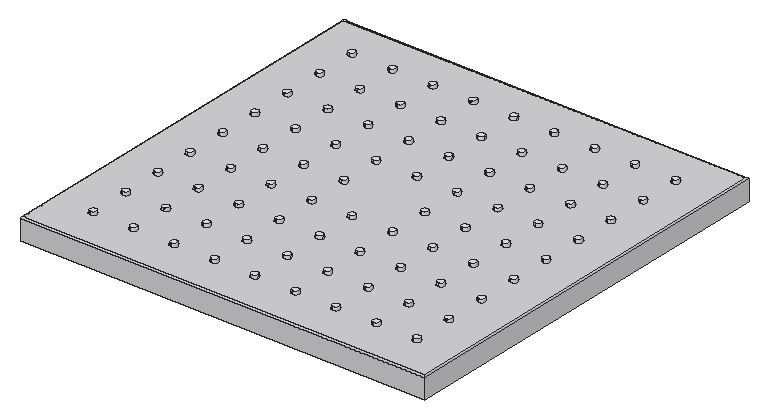
Revit family "Shower-Rainhead-KOHLER-Katalyst-13695W_1", category Plumbing Fixtures, host Face, Revit 2017 (continued)
Definition of nested family "13695W"
  Lines and regions (in)
    symbolic lines, detail levels medium+fine
      curve 275: arc (1.5272855, 2.4023437, 0) -> (1.6015625, 2.4766208, 0) -> (1.6758395, 2.4023437, 0) r 0.074277
      curve 276: arc (1.6758395, 2.4023437, 0) -> (1.6015625, 2.3280667, 0) -> (1.5272855, 2.4023437, 0) r 0.074277
      curve 277: arc (1.6, 2.334693, 0) -> (1.5360618, 2.3986313, 0) -> (1.6, 2.4625695, 0) r 0.0639382
      curve 278: arc (1.6, 2.4625695, 0) -> (1.6639382, 2.3986313, 0) -> (1.6, 2.334693, 0) r 0.0639382
      curve 279: arc (1.5272855, 3.203125, 0) -> (1.6015625, 3.277402, 0) -> (1.6758395, 3.203125, 0) r 0.074277
      curve 280: arc (1.6758395, 3.203125, 0) -> (1.6015625, 3.128848, 0) -> (1.5272855, 3.203125, 0) r 0.074277
      curve 281: arc (1.6, 3.134693, 0) -> (1.5360618, 3.1986313, 0) -> (1.6, 3.2625695, 0) r 0.0639382
      curve 282: arc (1.6, 3.2625695, 0) -> (1.6639382, 3.1986313, 0) -> (1.6, 3.134693, 0) r 0.0639382
      curve 283: arc (0.7265042, 3.203125, 0) -> (0.8007812, 3.277402, 0) -> (0.8750583, 3.203125, 0) r 0.074277
      curve 284: arc (0.8750583, 3.203125, 0) -> (0.8007812, 3.128848, 0) -> (0.7265042, 3.203125, 0) r 0.074277
      curve 285: arc (0.8, 3.2625695, 0) -> (0.8639382, 3.1986313, 0) -> (0.8, 3.134693, 0) r 0.0639382
      curve 286: arc (0.8, 3.134693, 0) -> (0.7360618, 3.1986313, 0) -> (0.8, 3.2625695, 0) r 0.0639382
      curve 287: arc (0.7265042, 2.4023437, 0) -> (0.8007812, 2.4766208, 0) -> (0.8750583, 2.4023437, 0) r 0.074277
      curve 288: arc (0.8750583, 2.4023437, 0) -> (0.8007812, 2.3280667, 0) -> (0.7265042, 2.4023437, 0) r 0.074277
      curve 289: arc (0.8, 2.4625695, 0) -> (0.8639382, 2.3986313, 0) -> (0.8, 2.334693, 0) r 0.0639382
      curve 290: arc (0.8, 2.334693, 0) -> (0.7360618, 2.3986313, 0) -> (0.8, 2.4625695, 0) r 0.0639382
      curve 291: arc (0.7265042, 1.6015625, 0) -> (0.8007812, 1.6758395, 0) -> (0.8750583, 1.6015625, 0) r 0.074277
      curve 292: arc (0.8750583, 1.6015625, 0) -> (0.8007812, 1.5272855, 0) -> (0.7265042, 1.6015625, 0) r 0.074277
      curve 293: arc (0.8, 1.6625695, 0) -> (0.8639382, 1.5986313, 0) -> (0.8, 1.534693, 0) r 0.0639382
      curve 294: arc (0.8, 1.534693, 0) -> (0.7360618, 1.5986313, 0) -> (0.8, 1.6625695, 0) r 0.0639382
      curve 295: arc (0.7265042, 0.8007812, 0) -> (0.8007812, 0.8750583, 0) -> (0.8750583, 0.8007812, 0) r 0.074277
      curve 296: arc (0.8750583, 0.8007812, 0) -> (0.8007812, 0.7265042, 0) -> (0.7265042, 0.8007812, 0) r 0.074277
      curve 297: arc (0.8, 0.8625695, 0) -> (0.8639382, 0.7986313, 0) -> (0.8, 0.734693, 0) r 0.0639382
      curve 298: arc (0.8, 0.734693, 0) -> (0.7360618, 0.7986313, 0) -> (0.8, 0.8625695, 0) r 0.0639382
      curve 299: arc (2.3280667, 3.203125, 0) -> (2.4023437, 3.277402, 0) -> (2.4766208, 3.203125, 0) r 0.074277
      curve 300: arc (2.4766208, 3.203125, 0) -> (2.4023437, 3.128848, 0) -> (2.3280667, 3.203125, 0) r 0.074277
      curve 301: arc (2.4, 3.2625695, 0) -> (2.4639382, 3.1986313, 0) -> (2.4, 3.134693, 0) r 0.0639382
      curve 302: arc (2.4, 3.134693, 0) -> (2.3360618, 3.1986313, 0) -> (2.4, 3.2625695, 0) r 0.0639382
      curve 303: circle (0, -0.7986313, 0) r 0.0639382 normal (0, 0, 1)
      curve 304: circle (0, -3.1986313, 0) r 0.0643354 normal (0, 0, -1)
      curve 305: circle (0, -2.3986313, 0) r 0.0642809 normal (0, 0, -1)
      curve 306: circle (0, -1.5986313, 0) r 0.0640079 normal (0, 0, -1)
      curve 307: arc (3.128848, 0, 0) -> (3.203125, 0.074277, 0) -> (3.277402, 0, 0) r 0.074277
      curve 308: arc (3.277402, 0, 0) -> (3.203125, -0.074277, 0) -> (3.128848, 0, 0) r 0.074277
      curve 309: circle (3.2, 0.0013687, 0) r 0.0639382 normal (0, 0, 1)
      curve 310: arc (2.3280667, 0, 0) -> (2.4023438, 0.074277, 0) -> (2.4766208, 0, 0) r 0.074277
      curve 311: arc (2.4766208, 0, 0) -> (2.4023438, -0.074277, 0) -> (2.3280667, 0, 0) r 0.074277
      curve 312: circle (2.4, 0.0013687, 0) r 0.0639382 normal (0, 0, 1)
      curve 313: circle (1.6, 0.0013687, 0) r 0.0639382 normal (0, 0, 1)
      curve 314: circle (0.8, 0.0013687, 0) r 0.0639382 normal (0, 0, 1)
      curve 315: arc (-1.5268562, 0, 0) -> (-1.6011333, 0.074277, 0) -> (-1.6754103, 0, 0) r 0.074277
      curve 316: arc (-1.6754103, 0, 0) -> (-1.6011333, -0.074277, 0) -> (-1.5268562, 0, 0) r 0.074277
      curve 317: arc (-0.7262627, 0, 0) -> (-0.8005397, 0.074277, 0) -> (-0.8748168, 0, 0) r 0.074277
      curve 318: arc (-0.8748168, 0, 0) -> (-0.8005397, -0.074277, 0) -> (-0.7262627, 0, 0) r 0.074277
      curve 319: arc (0.0752796, 0.8015423, 0) -> (0.0010026, 0.8758194, 0) -> (-0.0732744, 0.8015423, 0) r 0.074277
      curve 320: arc (-0.0732744, 0.8015423, 0) -> (0.0010026, 0.7272653, 0) -> (0.0752796, 0.8015423, 0) r 0.074277
      curve 321: arc (0.0752796, 1.6010491, 0) -> (0.0010026, 1.6753262, 0) -> (-0.0732744, 1.6010491, 0) r 0.074277
      curve 322: arc (-0.0732744, 1.6010491, 0) -> (0.0010026, 1.5267721, 0) -> (0.0752796, 1.6010491, 0) r 0.074277
      curve 323: circle (0, 2.4023437, 0) r 0.074277 normal (0, 0, 1)
      curve 324: circle (0, 3.203125, 0) r 0.074277 normal (0, 0, 1)
      curve 325: circle (0, -0.8007812, 0) r 0.074277 normal (0, 0, 1)
      curve 326: circle (0, -1.6015625, 0) r 0.074277 normal (0, 0, 1)
      curve 327: circle (0, -2.4023437, 0) r 0.074277 normal (0, 0, 1)
      curve 328: circle (0, -3.203125, 0) r 0.074277 normal (0, 0, 1)
      curve 329: circle (0.8007813, 0, 0) r 0.074277 normal (0, 0, 1)
      curve 330: circle (1.6015625, 0, 0) r 0.074277 normal (0, 0, 1)
      curve 331: line (-0.3328092, 0, 1.0790458) -> (0.3328092, 0, 1.0790458)
      curve 332: line (-0.3509435, 0, 0.966084) -> (0.3509435, 0, 0.966084)
      curve 333: line (0, 0.3372189, 1.0833798) -> (0, -0.3372189, 1.0833798)
      curve 334: line (0, 0.3539019, 0.963862) -> (0, -0.3539019, 0.963862)
  Dimensions and locks (in)
    plane 8 to level = 2.75591"
    locked: plane 4 to plane 5 at 7.992126
    locked: plane 7 to plane 6 at 7.992126
    aligned and locked: plane 2 to level
